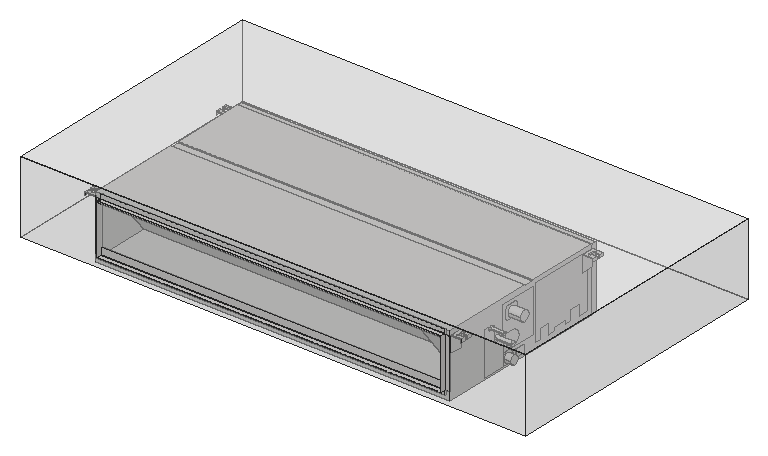
Revit family "outputfile", category 機械設備, Revit 2024
Family settings
  丸型コネクタ寸法 = 半径を使用
  パーツ タイプ = 標準
  OmniClass 番号 = 23.75.10.24.21.27.27
  OmniClass タイトル = Split System Air Conditioning Units
  作業面ベース = いいえ
  常に垂直 = はい
  ロード時にボイドで切り取り = いいえ
  注釈の向きを維持 = いいえ
  共有 = いいえ
  部屋計算ポイント = はい
Parameters (values of type "FDMC100AV1M")
  Description = ""
  書き出し IFC クラス(タイプ) = "IfcUnitaryEquipmentType"
  定義済み IFC タイプ(タイプ) = "AIRCONDITIONINGUNIT"
  Cost = 0
  Type Comments = ""
  Keynote = ""
  Type Image = (empty or 0)
  Assembly Code = ""
  switch_frequency = yes
  connector_voltage = Voltage_50Hz  # 230 V
  connector_powerinput = [Power Input (Cooling)]  # 3.200 kW
  connector_phase = Phase_50Hz  # 1
  URL = ""
  Supply Air Direction [instance] = yes
  製造元 = "Daikin"
  モデル = "FDMC100AV1M"
  w_pipe = 33 mm
  r_Liquid Pipe Size = Liquid Pipe Size / 2  # 4.75 mm
  r_Gas Pipe Size = Gas Pipe Size / 2  # 7.95 mm
  r_Drain Pipe Size = Drain Pipe Size / 2  # 16.0 mm
  lw_powersupply = Width / 2  # 700 mm
  lw_ductflange2 = 1362 mm
  lw_Width = 1362 mm
  lh_suctionflange [instance] = 100 mm
  ld_suctionflange [instance] = 190 mm
  ld_powersupply = 263 mm
  angle_vertical_RA [instance] = 90.00°
  angle horizontal_RA [instance] = 180.00°
  Voltage_comment_50Hz = "220 - 240"
  Voltage_50Hz = 230 V
  Sound Power Level_H speed (dB) = 0
  RA_length = 190 mm  # constant formula
  Phase_50Hz = 1
  Minimum External Static Pressure = 27.00 Pa
  Minimum Circuit Amps_50Hz = 0.0 A
  Maximum Fuse Amps_50Hz = 0.0 A
  Maximum External Static Pressure = 38.00 Pa
  Material_Casing = DAIKIN_GalvanizedSteel_Casing_indoorunit
  lw_liquidpipe = 757.9 mm
  lw_gaspipe = 767.5 mm
  lw_mountinghole_pitch = 1446 mm
  lw_mountinghole = 20 mm
  lw_drainpipe = 726 mm
  lh_powersupply = 43.2 mm
  lh_liquidpipe = 175 mm
  lh_gaspipe = 128 mm
  lh_mountinghole = Height + [h***] - 15 mm  # 235 mm
  lh_drainpipe = 29 mm
  lh_antena = (Height - lh_mountinghole) + 1 mm  # 16 mm
  ld_liquidpipe = 153 mm
  ld_gaspipe = 123 mm
  ld_mountinghole_pitch = 651 mm
  ld_drainpipe = 64 mm
  ld_controlbox = 626 mm
  h*** = 0 mm  # constant formula
  d_dischargeflange = 20 mm  # constant formula
  Width = 1400 mm
  Version = "ver.1.0"
  Unit Type = "Duct"
  Unit Mass Weight = 40.00 kg
  Unit Designation [instance] = ""
  Uniclass2015Version = "Products v1.30"
  Uniclass2015Title = "Split coil room air conditioning units"
  Uniclass2015Code = "Pr_70_65_03_86"
  Total Cooling Capacity [instance] = 0.000 kW
  Sound Pressure Level_M speed (dBA) = 39
  Sound Pressure Level_L speed (dBA) = 36
  Sound Pressure Level_H speed (dBA) = 42
  Series = "SkyAir_Fan Coil Unit"
  Sensible Cooling Capacity [instance] = 0.000 kW
  SA Duct Size Width = 1362 mm
  SA Duct Size Height = 200 mm
  Refrigerant Type = "R32"
  RA Duct Size Width = 1362 mm
  RA Duct Size Height = 214 mm
  Power Input (Cooling) = 3.200 kW
  Option Accessory 3 [instance] = ""
  Option Accessory 2 [instance] = ""
  Option Accessory 1 [instance] = ""
  Nominal Cooling Capacity = 10.550 kW
  Minimum Airflow = 1563.00 m³/h
  Median Airflow = 1860.00 m³/h
  Maximum Airflow = 2141.00 m³/h
  Load Classification = HVAC
  Liquid Pipe Size = 9.5 mm
  Link_Nested Family [instance] = ""
  IfcVersion = ""
  IfcExportType = "AIRCONDITIONINGUNIT"
  IfcExportAs = "IfcUnitaryEquipmentType"
  Height = 250 mm
  Heat Exchanger Type = "Cross Fin Coil"
  Gas Pipe Size = 15.9 mm
  Frequency_50Hz = 50 Hz
  Fan Type = "Sirocco Fan"
  Fan Drive = "-"
  FCU Tag No. [instance] = ""
  Drain Pipe Size = 32.0 mm
  Design Supply Airflow [instance] = 0.00 m³/h
  Design Return Airflow [instance] = 0.00 m³/h
  Design External Static Pressure [instance] = 0.00 Pa
  Depth = 700 mm
  既定の高さ = 0 mm
  Cooling Entering Wet Bulb Temperature [instance] = 0.00 °C
  Cooling Entering Dry Bulb Temperature [instance] = 0.00 °C
  Cooling Ambient Wet Bulb Temperature [instance] = 0.00 °C
  Cooling Ambient Dry Bulb Temperature [instance] = 0.00 °C
  Clearance visibility [instance] = yes
  Clearance Top = 20 mm
  Clearance Right = 300 mm
  Clearance Rear = 400 mm
  Clearance Left = 300 mm
  Clearance Front = 0 mm
  Clearance Bottom = 20 mm
Reference planes
  plane 1 "Center (Front/Back)": y = 0
  plane 2: z = 0
  plane 3 "Center (Left/Right)": x = 0
  plane 4 "Back": y = 350
  plane 5 "Front": y = -350
  plane 6 "Left": x = -700
  plane 7 "Right": x = 700
  plane 8 "Top": z = 0
  plane 9 "Bottom": z = -250
  plane 10: x = 681
  plane 11: x = -680.2
  plane 12: z = -72
  plane 13: z = -75
  plane 14: z = -122
  plane 15: x = -304
  plane 16: x = 304
  plane 17: x = -723
  plane 18: x = 723
  plane 19: x = 757.9
  plane 20: x = 767.5
  plane 21: z = -15
  plane 22 "Clearance Left": x = -1000
  plane 23 "Clearance Right": x = 1000
  plane 24 "Clearance Rear": y = 750
  plane 25 "Clearance Front": y = -350
  plane 26 "Clearance Bottom": z = -270
  plane 27: z = -21
  plane 28: z = -221
  plane 29: y = -123
  plane 30: y = -153
  plane 31: y = -30
  plane 32: y = -64
  plane 33: z = -118
  plane 34: y = -349.2
  plane 35: z = -150
  plane 36: y = 160
  plane 37: z = -151
  plane 38: x = 726
  plane 39: x = 695
  plane 40: x = 565.5
  plane 41: z = 102.5
  plane 42: y = 325.5
  plane 43: y = -325.5
  plane 44: y = 17.5
  plane 45: y = 57
  plane 46: x = 703.2
  plane 47: x = 705.2
  plane 48: y = -370
  plane 49: y = 390
  plane 50: z = -125
  plane 51: z = -70.5
  plane 52: z = -75.133
  plane 53: z = -75.5
  plane 54: z = -126.5
  plane 55: z = -239.8
  plane 56: z = -22.5
  plane 57: z = -192.5
  plane 58: z = -16
  plane 59 "Clearance Top": z = 20
  plane 60: z = -206.8
  plane 61: y = 263
  plane 62: y = -200
  plane 63: y = -300
  plane 64: y = -140
Forms (mm)
  Extrusion 1, solid, material "DAIKIN_GalvanizedSteel_Casing_indoorunit" <- "Material_Casing"
    sketch origin (0, 0, 0) x (1, 0, 0) y (0, 1, 0)
      loop
        line (-700, -349.2) -> (700, -349.2) -> (700, 350) -> (-700, 350) -> (-700, -349.2)
    from -250 to 0
  Extrusion 2, void
    sketch origin (0, 0, 1) x (1, 0, 0) y (0, 1, 0)
      loop
        line (-700, 57) -> (-700, 17.5) -> (700, 17.5) -> (700, 57) -> (-700, 57)
    from -1 to -5
  Extrusion 3, void
    sketch origin (0, 0, 0) x (0, 1, 0) y (0, 0, 1)
      loop
        line (-91.914, -222) -> (-91.914, -246.5) -> (-36.314, -246.5) -> (-36.314, -219.481)
        arc (-36.314, -219.481) -> (-65.261, -194.229) -> (-91.8, -222) r 27.8
    from 700 to 695
  Revolve 4, solid, material "DAIKIN_GalvanizedSteel_Casing_indoorunit" <- "Material_Casing"
    sketch origin (0, 0, -122) x (0, -1, 0) y (1, 0, 0)
      loop
        line (115.05, 700) -> (123, 700) -> (123, 767.5) -> (115.05, 767.5) -> (115.05, 700)
      axis (123, 700) -> (123, 767.5)
    angle from 0 to 360
  Revolve 5, solid, material "DAIKIN_GalvanizedSteel_Casing_indoorunit" <- "Material_Casing"
    sketch origin (0, 0, -75) x (0, -1, 0) y (1, 0, 0)
      loop
        line (153, 700) -> (153, 757.9) -> (148.25, 757.9) -> (148.25, 700) -> (153, 700)
      axis (153, 757.9) -> (153, 700)
    angle from 0 to 360
  Extrusion 6, solid, material "DAIKIN_GalvanizedSteel_Casing_indoorunit" <- "Material_Casing"
    sketch origin (0, 0, 0) x (0, 1, 0) y (0, 0, 1)
      loop
        circle (-64, -221) r 16
    from 726 to 700
  Extrusion 7, solid, material "DAIKIN_GalvanizedSteel_Casing_indoorunit" <- "Material_Casing"
    sketch origin (0, 0, 0) x (0, 1, 0) y (0, 0, 1)
      loop
        line (-180, -70.5) -> (-180, -239.8) -> (-95, -239.8) -> (-95, -126.5) -> (-107, -126.5)
        arc (-107, -126.5) -> (-121.5, -141) -> (-136, -126.5) r 14.5
        line (-136, -126.5) -> (-136, -75.5) -> (-141.006, -75.5)
        arc (-141.006, -75.5) -> (-153.184, -87.131) -> (-165, -75.133) r 12
        line (-165, -75.133) -> (-165, -70.5) -> (-180, -70.5)
      loop
        line (-92, -22.5) -> (-92, -192.5) -> (54, -192.5) -> (54, -22.5) -> (-92, -22.5)
      loop
        line (71, -16) -> (71, -224.802) -> (87.805, -224.802) -> (87.805, -184.607) -> (134.195, -184.606) -> (134.195, -224.802) -> (161, -224.802) -> (161, -212.302) -> (221, -212.303) -> (221, -224.802) -> (239.805, -224.802) -> (239.805, -184.606) -> (286.195, -184.606) -> (286.195, -224.802) -> (321.994, -224.802) -> (321.994, -82) -> (298.5, -82) -> (298.5, -16) -> (71, -16)
    from 700 to 703.2
  Extrusion 8, solid, material "DAIKIN_GalvanizedSteel_Casing_indoorunit" <- "Material_Casing"
    sketch origin (0, 0, 0) x (0, 1, 0) y (0, 0, 1)
      loop
        line (-27.5, -74.5) -> (-27.5, -41.5)
        arc (-27.5, -41.5) -> (-30.136, -35.136) -> (-36.5, -32.5) r 9
        line (-36.5, -32.5) -> (-69.5, -32.5)
        arc (-69.5, -32.5) -> (-75.864, -35.136) -> (-78.5, -41.5) r 9
        line (-78.5, -41.5) -> (-78.5, -74.5)
        arc (-78.5, -74.5) -> (-75.864, -80.864) -> (-69.5, -83.5) r 9
        line (-69.5, -83.5) -> (-36.5, -83.5)
        arc (-36.5, -83.5) -> (-30.136, -80.864) -> (-27.5, -74.5) r 9
      loop
        arc (8, -234.5) -> (9.415, -233.914) -> (10.001, -232.499) r 2.001
        line (10.001, -232.499) -> (9.997, -206.503)
        arc (9.997, -206.503) -> (9.412, -205.091) -> (8, -204.506) r 1.997
        line (8, -204.506) -> (-25.997, -204.506)
        arc (-25.997, -204.506) -> (-27.415, -205.094) -> (-28.002, -206.511) r 2.005
        line (-28.002, -206.511) -> (-28.002, -232.499)
        arc (-28.002, -232.499) -> (-27.416, -233.914) -> (-26.001, -234.5) r 2.001
        line (-26.001, -234.5) -> (8, -234.5)
      loop
        arc (-77.358, -152.358) -> (-25.548, -177.591) -> (-59.394, -130.95) r 29.7
        arc (-59.394, -130.95) -> (-62.843, -131.688) -> (-66.339, -131.219) r 10.3
        line (-66.339, -131.219) -> (-72.946, -129.136)
        arc (-72.946, -129.136) -> (-80.627, -131.374) -> (-81.498, -139.327) r 7.2
        line (-81.498, -139.327) -> (-78.299, -145.472)
        arc (-78.299, -145.472) -> (-77.23, -148.833) -> (-77.358, -152.358) r 10.3
    from 700 to 705.2
  Extrusion 9, solid, material "DAIKIN_GalvanizedSteel_Casing_indoorunit" <- "Material_Casing"
    sketch origin (0, 0, 0) x (0, 1, 0) y (0, 0, 1)
      loop
        circle (-53, -58) r 18.9
    from 700 to 757.9
  Extrusion 10, void
    sketch origin (0, 0, 0) x (0, 1, 0) y (0, 0, 1)
      loop
        line (-350, -18.8) -> (-350, -217.2) -> (-200, -217.2) -> (-349.2, -18.8) -> (-350, -18.8)
    from -680.2 to 681
  Extrusion 11, void
    sketch origin (0, 0, 0) x (0, 1, 0) y (0, 0, 1)
      loop
        line (-350, -18.8) -> (-350, -217.2) -> (-140, -217.2) -> (-300, -18.8) -> (-350, -18.8)
    from -680.2 to 565.5
Cuts and joins
  Extrusion 2, Extrusion 3, Extrusion 10, Extrusion 11 cuts Extrusion 1
  joined: Extrusion 7, Extrusion 8, Extrusion 9
Dimensions and locks
  "Height": plane 8 "Top" to plane 9 "Bottom"
  equal spacing: plane 15, plane 3 "Center (Left/Right)", plane 16, locked at 304 each
  locked: plane 15 to plane 16 at 608
  equal spacing: plane 17, plane 3 "Center (Left/Right)", plane 18
  "lw_mountinghole_pitch": plane 17 to plane 18
  locked: plane 12 to plane 9 "Bottom" at 178
  "lh_liquidpipe": plane 13 to plane 9 "Bottom"
  "lh_gaspipe": plane 14 to plane 9 "Bottom"
  "lh_mountinghole": plane 21 to plane 9 "Bottom"
  equal spacing: plane 6 "Left", plane 3 "Center (Left/Right)", plane 7 "Right"
  "Width": plane 6 "Left" to plane 7 "Right"
  "Clearance Right": plane 7 "Right" to plane 23 "Clearance Right"
  "Clearance Left": plane 22 "Clearance Left" to plane 6 "Left"
  "Clearance Rear": plane 24 "Clearance Rear" to plane 4 "Back"
  "Clearance Front": plane 5 "Front" to plane 25 "Clearance Front"
  locked: plane 8 "Top" to plane 27 at 21
  "Depth": plane 4 "Back" to plane 5 "Front"
  equal spacing: plane 4 "Back", plane 1 "Center (Front/Back)", plane 5 "Front"
  "ld_suctionflange": plane 4 "Back" to plane 36
  locked: plane 37 to plane 9 "Bottom" at 99
  plane 7 "Right" to plane 40 = 134.5 mm
  "r_Gas Pipe Size": nested 6 to Revolve 4 sketch curve
  "r_Liquid Pipe Size": nested 5 to Revolve 5 sketch curve
  equal spacing: plane 42, plane 1 "Center (Front/Back)", plane 43
  "ld_mountinghole_pitch": plane 42 to plane 43
  locked: plane 33 to plane 9 "Bottom" at 132
  "lw_liquidpipe": plane 3 "Center (Left/Right)" to plane 19
  "lw_gaspipe": plane 3 "Center (Left/Right)" to plane 20
  "lw_drainpipe": plane 3 "Center (Left/Right)" to plane 38
  "ld_drainpipe": plane 32 to plane 1 "Center (Front/Back)"
  "ld_gaspipe": plane 29 to plane 1 "Center (Front/Back)"
  "ld_liquidpipe": plane 30 to plane 1 "Center (Front/Back)"
  "lh_drainpipe": plane 28 to plane 9 "Bottom"
  locked: plane 7 "Right" to plane 46 at 3.2
  locked: plane 46 to plane 47 at 2
  equal spacing: plane 8 "Top", plane 50, plane 9 "Bottom"
  plane 51 to plane 52 to plane 53 to plane 54 to plane 55 = 4.633 mm locked, 0.367 mm locked, 51 mm locked, 113.3 mm locked
  plane 8 "Top" to plane 56 to plane 57 = 22.5 mm locked, 170 mm locked
  locked: plane 8 "Top" to plane 58 at 16
  locked: plane 40 to plane 10 at 115.5
  locked: plane 17 to plane 11 at 42.8
  locked: plane 39 to plane 7 "Right" at 5
  "Clearance Top": plane 59 "Clearance Top" to plane 8 "Top"
  "Clearance Bottom": plane 9 "Bottom" to plane 26 "Clearance Bottom"
  "lh_powersupply": plane 60 to plane 9 "Bottom"
  "ld_powersupply": plane 61 to plane 1 "Center (Front/Back)"
  locked: plane 34 to plane 5 "Front" at 0.8
  locked: plane 5 "Front" to plane 48 at 20
  locked: plane 5 "Front" to plane 62 at 150
  plane 5 "Front" to plane 63 to plane 64 = 50 mm locked, 160 mm locked
  "r_Drain Pipe Size": radius of Extrusion 6 sketch curve
  aligned and locked: level to plane 2
  aligned and locked: Extrusion 1 to plane 9 "Bottom"
  aligned and locked: plane 8 "Top" to Extrusion 1
  aligned and locked: Revolve 4 sketch curve to Revolve 4 sketch curve
  aligned and locked: plane 19 to nested 5
  aligned and locked: nested 5 to plane 13
  aligned and locked: plane 18 to nested 2
  aligned and locked: plane 17 to nested 3
  aligned and locked: plane 17 to nested 4
  aligned and locked: nested 6 to plane 14
  aligned and locked: plane 29 to nested 6
  aligned and locked: plane 30 to nested 5
  aligned and locked: Extrusion 6 sketch curve to plane 32
  aligned and locked: plane 8 "Top" to Extrusion 2
  aligned and locked: plane 24 "Clearance Rear" to nested 11
  aligned and locked: plane 23 "Clearance Right" to nested 11
  aligned and locked: plane 22 "Clearance Left" to nested 11
  aligned and locked: nested 11 to plane 25 "Clearance Front"
  aligned and locked: plane 7 "Right" to cut or joined group of Extrusion 1, Extrusion 2, Extrusion 3, Extrusion 10, Extrusion 11  (x3)
  aligned and locked: cut or joined group of Extrusion 1, Extrusion 2, Extrusion 3, Extrusion 10, Extrusion 11 to plane 39
  aligned and locked: plane 38 to Extrusion 6
  aligned and locked: plane 20 to nested 6
  aligned and locked: plane 3 "Center (Left/Right)" to nested 12
  aligned and locked: plane 18 to nested 1
  aligned and locked: plane 32 to nested 7
  aligned and locked: nested 7 to plane 28
  aligned and locked: plane 38 to nested 7
  aligned and locked: nested 9 to plane 1 "Center (Front/Back)"
  aligned and locked: plane 3 "Center (Left/Right)" to nested 9
  aligned and locked: plane 33 to nested 8
  aligned and locked: level to plane 8 "Top"
  aligned and locked: plane 42 to nested 1
  aligned and locked: plane 43 to nested 2
  aligned and locked: nested 4 to plane 42
  aligned and locked: nested 3 to plane 43
  aligned and locked: nested 12 to plane 21
  aligned and locked: cut or joined group of Extrusion 1, Extrusion 2, Extrusion 3, Extrusion 10, Extrusion 11 to plane 34
  aligned and locked: nested 13 to plane 33
  aligned and locked: Extrusion 2 sketch curve to plane 6 "Left"
  aligned and locked: plane 7 "Right" to Extrusion 2 sketch curve
  aligned and locked: plane 44 to Extrusion 2 sketch curve
  aligned and locked: plane 45 to Extrusion 2 sketch curve
  aligned and locked: plane 3 "Center (Left/Right)" to nested 10
  aligned and locked: nested 10 to plane 4 "Back"
  aligned and locked: plane 46 to Extrusion 7
  aligned and locked: Extrusion 7 to plane 7 "Right"
  aligned and locked: Extrusion 8 to plane 7 "Right"
  aligned and locked: plane 47 to Extrusion 8
  aligned and locked: plane 19 to Extrusion 9
  aligned and locked: Extrusion 9 to plane 7 "Right"
  aligned and locked: nested 8 to plane 48
  aligned and locked: plane 49 to nested 14
  aligned and locked: nested 14 to plane 3 "Center (Left/Right)"
  aligned and locked: nested 14 to plane 50
  aligned and locked: plane 54 to Extrusion 7 sketch curve  (x2)
  aligned and locked: plane 52 to Extrusion 7 sketch curve
  aligned and locked: plane 56 to Extrusion 7 sketch curve
  aligned and locked: plane 57 to Extrusion 7 sketch curve
  aligned and locked: plane 58 to Extrusion 7 sketch curve
  aligned and locked: plane 3 "Center (Left/Right)" to nested 13
  aligned and locked: plane 59 "Clearance Top" to nested 11
  aligned and locked: nested 11 to plane 26 "Clearance Bottom"
  aligned and locked: plane 7 "Right" to nested 15
  aligned and locked: nested 15 to plane 60
  aligned and locked: plane 34 to nested 13
  aligned and locked: plane 5 "Front" to Extrusion 10 sketch curve
  aligned and locked: cut or joined group of Extrusion 1, Extrusion 2, Extrusion 3, Extrusion 10, Extrusion 11 to plane 11  (x2)
  aligned and locked: plane 10 to cut or joined group of Extrusion 1, Extrusion 2, Extrusion 3, Extrusion 10, Extrusion 11
  aligned and locked: Extrusion 11 sketch curve to plane 5 "Front"
  aligned and locked: plane 63 to Extrusion 11 sketch curve
  aligned and locked: plane 64 to Extrusion 11 sketch curve
  aligned and locked: cut or joined group of Extrusion 1, Extrusion 2, Extrusion 3, Extrusion 10, Extrusion 11 to plane 40
  aligned and locked: Extrusion 6 to plane 7 "Right"
  aligned and locked: Revolve 4 to plane 7 "Right"
  aligned and locked: Revolve 5 to plane 7 "Right"
Automatic sketch dimensions
  Extrusion 1 sketch curve to plane 4 "Back" = 0 mm
  Extrusion 1 sketch curve to plane 6 "Left" = 0 mm
  Extrusion 1 sketch curve to plane 7 "Right" = 0 mm
  plane 34 to Extrusion 1 sketch curve = 0 mm
  Extrusion 6 sketch curve to plane 28 = 0 mm
  Revolve 4 sketch curve to plane 20 = 0 mm
  Revolve 4 sketch curve to plane 29 = 0 mm
  Revolve 4 sketch curve to Revolve 4 sketch curve = 2.003 mm
  plane 20 to Revolve 4 sketch curve = 1.003 mm
  Revolve 5 sketch curve to plane 30 = 0 mm  (x2)
  Revolve 5 sketch curve to plane 19 = 0 mm  (x2)
  Revolve 5 sketch curve to plane 7 "Right" = 0 mm
  Revolve 5 sketch curve to Revolve 5 sketch curve = 1 mm
  Revolve 4 sketch curve to plane 7 "Right" = 0 mm
  plane 9 "Bottom" to Extrusion 3 sketch curve = 3.5 mm
  Extrusion 3 sketch curve to plane 31 = 6.314 mm
  Extrusion 3 sketch curve to plane 28 = 1 mm  (x2)
  plane 32 to Extrusion 3 sketch curve = 0 mm
  Extrusion 3 sketch curve to Extrusion 3 sketch curve = 0.114 mm
  Extrusion 8 sketch curve to plane 32 = 14.5 mm
  plane 13 to Extrusion 8 sketch curve = 0.5 mm  (x2)
  Extrusion 8 sketch curve to plane 32 = 5.5 mm  (x2)
  Extrusion 8 sketch curve to plane 31 = 6.5 mm  (x2)
  Extrusion 8 sketch curve to plane 27 = 20.5 mm
  plane 31 to Extrusion 8 sketch curve = 1.998 mm
  Extrusion 8 sketch curve to Extrusion 8 sketch curve = 2.001 mm  (x2)
  Extrusion 8 sketch curve to Extrusion 8 sketch curve = 2.005 mm
  Extrusion 8 sketch curve to plane 1 "Center (Front/Back)" = 8 mm  (x2)
  plane 28 to Extrusion 8 sketch curve = 16.494 mm
  Extrusion 8 sketch curve to Extrusion 8 sketch curve = 1.994 mm
  Extrusion 8 sketch curve to Extrusion 8 sketch curve = 1.997 mm
  Extrusion 8 sketch curve to plane 32 = 17.498 mm
  Extrusion 8 sketch curve to plane 35 = 0.228 mm
  Extrusion 8 sketch curve to Extrusion 8 sketch curve = 5.937 mm
  plane 35 to Extrusion 8 sketch curve = 4.528 mm
  Extrusion 8 sketch curve to Extrusion 8 sketch curve = 3.199 mm
  Extrusion 8 sketch curve to Extrusion 8 sketch curve = 6.386 mm
  Extrusion 8 sketch curve to plane 14 = 7.136 mm
  Extrusion 8 sketch curve to Extrusion 8 sketch curve = 2.165 mm
  Extrusion 8 sketch curve to plane 32 = 2.339 mm
  plane 32 to Extrusion 8 sketch curve = 0.758 mm
  Extrusion 8 sketch curve to plane 37 = 7.5 mm
  plane 32 to Extrusion 8 sketch curve = 15.7 mm
  Extrusion 8 sketch curve to Extrusion 8 sketch curve = 6.145 mm
  Extrusion 8 sketch curve to Extrusion 8 sketch curve = 2.083 mm
  plane 14 to Extrusion 8 sketch curve = 0.604 mm
  Extrusion 8 sketch curve to Extrusion 8 sketch curve = 0 mm
  plane 32 to Extrusion 9 sketch curve = 11 mm
  plane 12 to Extrusion 9 sketch curve = 14 mm
  Extrusion 7 sketch curve to plane 30 = 0 mm
  Extrusion 7 sketch curve to plane 30 = 27 mm
  Extrusion 7 sketch curve to plane 13 = 0.5 mm
  Extrusion 7 sketch curve to Extrusion 7 sketch curve = 5.006 mm
  plane 12 to Extrusion 7 sketch curve = 1.5 mm
  Extrusion 7 sketch curve to Extrusion 7 sketch curve = 12 mm
  Extrusion 7 sketch curve to plane 30 = 12 mm
  plane 29 to Extrusion 7 sketch curve = 1.5 mm
  Extrusion 7 sketch curve to plane 32 = 28 mm
  Extrusion 7 sketch curve to Extrusion 7 sketch curve = 17 mm
  Extrusion 7 sketch curve to plane 28 = 3.802 mm  (x8)
  Extrusion 7 sketch curve to plane 42 = 27 mm
  Extrusion 7 sketch curve to plane 42 = 3.506 mm  (x2)
  Extrusion 7 sketch curve to plane 53 = 6.5 mm
  plane 57 to Extrusion 7 sketch curve = 7.893 mm
  Extrusion 7 sketch curve to Extrusion 7 sketch curve = 0 mm  (x2)
  plane 57 to Extrusion 7 sketch curve = 7.894 mm  (x2)
  plane 36 to Extrusion 7 sketch curve = 1 mm  (x2)
  plane 28 to Extrusion 7 sketch curve = 8.697 mm
  Extrusion 3 sketch curve to Extrusion 3 sketch curve = 27.914 mm
  Extrusion 7 sketch curve to plane 55 = 0 mm
  Extrusion 8 sketch curve to plane 28 = 11.499 mm
  Extrusion 7 sketch curve to Extrusion 7 sketch curve = 60 mm
  Extrusion 10 sketch curve to plane 34 = 0 mm
  plane 28 to Extrusion 10 sketch curve = 3.8 mm
  plane 27 to Extrusion 10 sketch curve = 2.2 mm
  Extrusion 10 sketch curve to plane 30 = 47 mm
  plane 28 to Extrusion 11 sketch curve = 3.8 mm
  plane 27 to Extrusion 11 sketch curve = 2.2 mm
  radius of Extrusion 9 sketch curve = 18.9 mm
Nested families
  nested 1: "daikin_mountinghole" at (723, 325.5, -250), l_antenna <- "lh_antena", Link_Nested Family <- "Link_Nested Family", h_mountinghole <- "lh_mountinghole", type "daikin_mountinghole"
    with show yes, l_antenna 16 mm, h_mountinghole 235 mm, Link_Nested Family ""
  nested 2: "daikin_mountinghole" at (723, -325.5, -250), Link_Nested Family <- "Link_Nested Family", l_antenna <- "lh_antena", h_mountinghole <- "lh_mountinghole", type "daikin_mountinghole"
    with show yes, l_antenna 16 mm, h_mountinghole 235 mm, Link_Nested Family ""
  nested 3: "daikin_mountinghole" at (-723, -325.5, -250), l_antenna <- "lh_antena", Link_Nested Family <- "Link_Nested Family", h_mountinghole <- "lh_mountinghole", type "daikin_mountinghole"
    with show yes, l_antenna 16 mm, h_mountinghole 235 mm, Link_Nested Family ""
  nested 4: "daikin_mountinghole" at (-723, 325.5, -250), l_antenna <- "lh_antena", Link_Nested Family <- "Link_Nested Family", h_mountinghole <- "lh_mountinghole", type "daikin_mountinghole"
    with show yes, l_antenna 16 mm, h_mountinghole 235 mm, Link_Nested Family ""
  nested 5: "daikin_connector_rotate2" at (0, -153, -75) x (0, 1, 0) z (0, 0, 1), length <- "lw_liquidpipe", built-in parameter 1001364 <- "lh_liquidpipe", radius <- "r_Liquid Pipe Size", type "daikin_connector_rotate2"
    with radius 4.75 mm, length 757.9 mm, angle_vertical 90.00°
  nested 6: "daikin_connector_rotate2" at (0, -123, -122) x (0, 1, 0) z (0, 0, 1), length <- "lw_gaspipe", built-in parameter 1001364 <- "lh_gaspipe", radius <- "r_Gas Pipe Size", type "daikin_connector_rotate2"
    with radius 7.95 mm, length 767.5 mm, angle_vertical 90.00°
  nested 7: "daikin_connector_rotate2" at (0, -64, -221) x (0, 1, 0) z (0, 0, 1), built-in parameter 1001364 <- "lh_drainpipe", length <- "lw_drainpipe", radius <- "r_Drain Pipe Size", type "daikin_connector_rotate2"
    with radius 16 mm, length 726 mm, angle_vertical 90.00°
  nested 8: "daikin_connector_rotate2" at (0, -350, -118), length <- "d_dischargeflange", type "daikin_connector_rotate2"
    with radius 10 mm, length 20 mm, angle_vertical 90.00°
  nested 9: "daikin_△_symbolicline" at (-75, -129.904, 250) x (-0.5, 0.866, 0) z (0, 0, 1), built-in parameter 1001364 <- "Height", visible <- "Supply Air Direction", type "daikin_△_symbolicline"
    with length 300 mm
  nested 10: "daikin_ductflange_FDMC-AV1M_1" at (0, 350, -125), material <- "Material_Casing", width <- "lw_ductflange2", type "daikin_ductflange_FDMC-AV1M_1"
    with width 1362 mm, material DAIKIN_GalvanizedSteel_Casing_indoorunit, height 214 mm, depth 40 mm
  nested 11: "daikin_clearancespace" at (0, 200, -124.881), visible <- "Clearance visibility", show <- "Clearance visibility", Link_Nested Family <- "Link_Nested Family", type "daikin_clearancespace"
    with width 2000 mm, show yes, height 290 mm, depth 1100 mm, Link_Nested Family ""
  nested 12: "daikin_hangerfixture_FDMC-AV1M" at (0, 0, -15), type "daikin_hangerfixture_FDMC-AV1M"
    with width 1400 mm
  nested 13: "daikin_ductflange_FDMC-AV1M" at (0, -35.7, -407.401), width <- "lw_Width", material <- "Material_Casing", type "daikin_ductflange_FDMC-AV1M"
    with width 1362 mm, material DAIKIN_GalvanizedSteel_Casing_indoorunit, height 200 mm, depth 20.8 mm
  nested 14: "daikin_connector_rotate2" at (0, 350, -125) x (-1, 0, 0) z (0, 0, 1), type "daikin_connector_rotate2"
    with radius 10 mm, length 40 mm, angle_vertical 90.00°
  nested 15: "daikin_connector_rotate2" at (0, 263, -206.8) x (0, 1, 0) z (0, 0, 1), length <- "lw_powersupply", built-in parameter 1001364 <- "lh_powersupply", type "daikin_connector_rotate2"
    with radius 10 mm, length 700 mm, angle_vertical 90.00°
Connectors
  piping at (767.5, -123, -122), diameter 15.9, driven by "r_Gas Pipe Size"
    settings: on nested 6, index 1, connector inside diameter 609.6 mm, connector length 0 mm, flow factor 0, pipe flow 0.00 m³/h, pressure drop 0.0 Pa, fitting loss kfactor 0, connector angle 0.00°, fixture units 0, engagement length 0 mm, angle of deflection 0.00°, flow configuration 1, flow direction 2, fitting loss method 0, system type 29, joint type 0, gender type 0, connector reference index -1, connector utility 0, adjustable connector no, is connector primary yes, connector description "Refrigerant Gas Piping"
  piping at (757.9, -153, -75), diameter 9.5, driven by "r_Liquid Pipe Size"
    settings: on nested 5, index 2, connector inside diameter 609.6 mm, connector length 0 mm, flow factor 0, pipe flow 0.00 m³/h, pressure drop 0.0 Pa, fitting loss kfactor 0, connector angle 0.00°, fixture units 0, engagement length 0 mm, angle of deflection 0.00°, flow configuration 1, flow direction 1, fitting loss method 0, system type 29, joint type 0, gender type 0, connector reference index -1, connector utility 0, adjustable connector no, is connector primary no, connector description "Refrigerant Liquid Piping"
  piping at (726, -64, -221), diameter 32, driven by "r_Drain Pipe Size"
    settings: on nested 7, index 3, connector inside diameter 609.6 mm, connector length 0 mm, flow factor 0, pipe flow 0.00 m³/h, pressure drop 0.0 Pa, fitting loss kfactor 0, connector angle 0.00°, fixture units 0, engagement length 0 mm, angle of deflection 0.00°, flow configuration 1, flow direction 2, fitting loss method 4, system type 16, joint type 0, gender type 0, connector reference index -1, connector utility 0, adjustable connector no, is connector primary no, connector description "Condensate Drain Piping"
  hvac at (0, -370, -118), driven by "SA Duct Size Height", driven by "SA Duct Size Width"
    settings: on nested 8, index 7, duct flow 0.00 m³/h, flow factor 0, pres drop 0.00 Pa, loss coef 0, conn angle 0.00°, conn width 1362.0 mm, conn height 200.0 mm, conn diameter 609.6 mm, duct sys type 1, conn prof type 1, flow config 0, flow direction 2, loss method 4, conn ref index -1, conn util no, is conn primary yes, conn desc "SA Duct"
  hvac at (0, 390, -125), driven by "RA Duct Size Width", driven by "RA Duct Size Height"
    settings: on nested 14, index 8, duct flow 0.00 m³/h, flow factor 0, pres drop 0.00 Pa, loss coef 0, conn angle 0.00°, conn width 1362.0 mm, conn height 214.0 mm, conn diameter 609.6 mm, duct sys type 2, conn prof type 1, flow config 0, flow direction 1, loss method 4, conn ref index -1, conn util no, is conn primary no, conn desc "RA Duct"
  electrical at (700, 263, -206.8), driven by "Load Classification", driven by "connector_powerinput", driven by "connector_voltage", driven by "connector_phase"
    settings: on nested 15, index 9, voltage 230 V, apparent load 3200 VA, apparent load phase1 0 VA, apparent load phase2 0 VA, apparent load phase3 0 VA, power factor 1, load classification "HVAC", number of poles 1, system type 30, power factor state 1, is connector primary yes, connector utility no, sub classification motor no, connector description "Power Supply"
Definition of nested family "daikin_ductflange_FDMC-AV1M_1"
  Parameters (values of type "daikin_ductflange_FXDQ-NDVET2")
    width [instance] = 662 mm
    material [instance] = none
    height [instance] = 214 mm
    depth [instance] = 40 mm
    Default Elevation = 0 mm
  Reference planes
    plane 1 "Center (Front/Back)": y = 0
    plane 2: z = 0
    plane 3 "Center (Left/Right)": x = 0
    plane 4: x = -331
    plane 5: x = 331
    plane 6: z = 107
    plane 7: z = -107
    plane 8: x = -350
    plane 9: x = 350
    plane 10: z = 124
    plane 11: z = -124
    plane 12: y = 20
    plane 13: x = -330.2
    plane 14: x = 330.2
    plane 15: z = 106.2
    plane 16: z = -106.2
    plane 17: y = 40
    plane 18: x = -330.2
    plane 19: z = 106.2
    plane 20: z = -106.2
    plane 21: x = 330.2
  Forms (mm)
    Extrusion 1, solid, material <- "material"
      sketch origin (0, 0, 0) x (1, 0, 0) y (0, 0, 1)
        loop
          line (-330.2, 106.2) -> (-330.2, -106.2) -> (330.2, -106.2) -> (330.2, 106.2) -> (-330.2, 106.2)
        loop
          line (-350, 124) -> (-350, -124) -> (350, -124) -> (350, 124) -> (-350, 124)
      from 0 to -20
    Extrusion 2, solid, material <- "material"
      sketch origin (0, 0, 0) x (1, 0, 0) y (0, 0, 1)
        loop
          line (-331, 107) -> (-331, -107) -> (331, -107) -> (331, 107) -> (-331, 107)
        loop
          line (-330.2, 106.2) -> (-330.2, -106.2) -> (330.2, -106.2) -> (330.2, 106.2) -> (-330.2, 106.2)
      from -40 to -20
  Cuts and joins
    joined: Extrusion 1, Extrusion 2
  Dimensions and locks
    equal spacing: plane 5, plane 3 "Center (Left/Right)", plane 4
    "width": plane 5 to plane 4
    equal spacing: plane 6, level, plane 7
    "height": plane 6 to plane 7
    locked: plane 4 to plane 8 at 19
    locked: plane 9 to plane 5 at 19
    locked: plane 10 to plane 6 at 17
    locked: plane 7 to plane 11 at 17
    locked: plane 1 "Center (Front/Back)" to plane 12 at 20
    locked: plane 13 to plane 4 at 0.8
    locked: plane 5 to plane 14 at 0.8
    locked: plane 6 to plane 15 at 0.8
    locked: plane 16 to plane 7 at 0.8
    locked: plane 12 to plane 17 at 20
    locked: plane 18 to plane 4 at 0.8
    locked: plane 5 to plane 21 at 0.8
    locked: plane 6 to plane 19 at 0.8
    locked: plane 20 to plane 7 at 0.8
    locked: plane 1 "Center (Front/Back)" to plane 17 at 40
    aligned and locked: level to plane 2
    aligned and locked: Extrusion 1 sketch curve to plane 10
    aligned and locked: plane 8 to Extrusion 1 sketch curve
    aligned and locked: Extrusion 1 sketch curve to plane 9
    aligned and locked: Extrusion 1 to plane 12
    aligned and locked: plane 1 "Center (Front/Back)" to Extrusion 1
    aligned and locked: Extrusion 1 sketch curve to plane 15
    aligned and locked: plane 13 to Extrusion 1 sketch curve
    aligned and locked: plane 16 to Extrusion 1 sketch curve
    aligned and locked: plane 11 to Extrusion 1 sketch curve
    aligned and locked: Extrusion 1 sketch curve to plane 14
    aligned and locked: Extrusion 2 sketch curve to plane 6
    aligned and locked: plane 4 to Extrusion 2 sketch curve
    aligned and locked: plane 7 to Extrusion 2 sketch curve
    aligned and locked: Extrusion 2 sketch curve to plane 5
    aligned and locked: Extrusion 2 sketch curve to Extrusion 1  (x4)
    aligned and locked: Extrusion 2 to plane 17
    aligned and locked: Extrusion 2 to Extrusion 1
  Automatic sketch dimensions
    Extrusion 1 sketch curve to plane 10 = 0 mm
Definition of nested family "daikin_clearancespace"
  Parameters (values of type "daikin_clearancespace")
    Description = "daikin_clearancespace"
    width [instance] = 1823.963 mm
    show [instance] = yes
    material = none
    height [instance] = 1359.762 mm
    depth [instance] = 880 mm
    Default Elevation = 0 mm
    Link_Nested Family [instance] = ""
  Reference planes
    plane 1 "Center (Front/Back)": y = 0
    plane 2 "Center (Elevation)": z = -0.119
    plane 3 "Center (Left/Right)": x = 0
    plane 4: y = 440
    plane 5: y = -440
    plane 6 "Right": x = 911.982
    plane 7 "Left": x = -911.982
    plane 8 "Top": z = 679.762
    plane 9 "Bottom": z = -680
  Forms (mm)
    Extrusion 1, solid, material <- "material", visible <- "show"
      sketch origin (0, 0, 0) x (1, 0, 0) y (0, 1, 0)
        loop
          line (-911.982, 440) -> (-911.982, -440) -> (911.982, -440) -> (911.982, 440) -> (-911.982, 440)
      from -680 to 679.762
  Lines and regions (mm)
    symbolic lines, visible <- "show"
      curve 1: line (911.982, 440, 0) -> (-911.982, 440, 0)
      curve 2: line (-911.982, 440, 0) -> (-911.982, -440, 0)
      curve 3: line (-911.982, -440, 0) -> (911.982, -440, 0)
      curve 4: line (911.982, -440, 0) -> (911.982, 440, 0)
      curve 5: line (911.982, 0, 679.762) -> (-911.982, 0, 679.762)
      curve 6: line (911.982, 0, -680) -> (911.982, 0, 679.762)
      curve 7: line (-911.982, 0, -680) -> (911.982, 0, -680)
      curve 8: line (-911.982, 0, 679.762) -> (-911.982, 0, -680)
      curve 9: line (0, 440, 679.762) -> (0, -440, 679.762)
      curve 10: line (0, -440, 679.762) -> (0, -440, -680)
      curve 11: line (0, 440, -680) -> (0, 440, 679.762)
      curve 12: line (0, -440, -680) -> (0, 440, -680)
  Dimensions and locks
    "width": plane 7 "Left" to plane 6 "Right"
    "depth": plane 4 to plane 5
    "height": plane 8 "Top" to plane 9 "Bottom"
    equal spacing: plane 7 "Left", plane 3 "Center (Left/Right)", plane 6 "Right"
    equal spacing: plane 4, plane 1 "Center (Front/Back)", plane 5
    equal spacing: plane 8 "Top", plane 2 "Center (Elevation)", plane 9 "Bottom"
    aligned and locked: level to plane 2 "Center (Elevation)"
    aligned and locked: Extrusion 1 sketch curve to plane 4
    aligned and locked: plane 7 "Left" to Extrusion 1 sketch curve
    aligned and locked: Extrusion 1 sketch curve to plane 5
    aligned and locked: Extrusion 1 sketch curve to plane 6 "Right"
    aligned and locked: plane 8 "Top" to Extrusion 1
    aligned and locked: curve 1 to Extrusion 1
    aligned and locked: curve 2 to Extrusion 1
    aligned and locked: curve 3 to Extrusion 1
    aligned and locked: curve 4 to Extrusion 1
    aligned and locked: curve 5 to Extrusion 1
    aligned and locked: curve 6 to Extrusion 1
    aligned and locked: curve 7 to Extrusion 1
    aligned and locked: curve 8 to Extrusion 1
    aligned and locked: curve 9 to Extrusion 1
    aligned and locked: curve 10 to Extrusion 1
    aligned and locked: curve 11 to Extrusion 1
    aligned and locked: curve 12 to Extrusion 1
    aligned and locked: Extrusion 1 to plane 9 "Bottom"
Definition of nested family "daikin_hangerfixture_FDMC-AV1M"
  Parameters (values of type "daikin_hangerfixture_FDMFC-AV1M")
    width = 700 mm
    material = none
    height = 65 mm
    depth = 700 mm
    Default Elevation = 0 mm
  Reference planes
    plane 1 "Center (Front/Back)": y = 0
    plane 2: z = 0
    plane 3 "Center (Left/Right)": x = 0
    plane 4: x = 350
    plane 5: y = 350
    plane 6: y = -350
    plane 7: x = -350
    plane 8: z = -65
    plane 9: y = 325.5
    plane 10: y = -325.5
    plane 11: y = 302
    plane 12: y = -302
    plane 13: x = 373
    plane 14: x = -373
  Forms (mm)
    Extrusion 1, void
      sketch origin (0, 0, 0) x (-1, 0, 0) y (0, -1, 0)
        loop
          arc (366.995, -334.5) -> (373, -340.5) -> (378.995, -334.489) r 6
          line (378.995, -334.489) -> (378.995, -333)
          arc (378.995, -333) -> (379.288, -332.293) -> (379.995, -332) r 1
          line (379.995, -332) -> (394.995, -332) -> (394.995, -319) -> (379.995, -319)
          arc (379.995, -319) -> (379.288, -318.707) -> (378.995, -318) r 1
          line (378.995, -318) -> (378.995, -316.464)
          arc (378.995, -316.464) -> (372.977, -310.5) -> (366.995, -316.5) r 6
          line (366.995, -316.5) -> (366.995, -334.5)
        loop
          line (367.28, 334.5) -> (367.28, 316.5)
          arc (367.28, 316.5) -> (373, 310.507) -> (379.254, 315.94) r 6
          line (379.254, 315.94) -> (379.254, 318)
          arc (379.254, 318) -> (379.547, 318.707) -> (380.254, 319) r 1
          line (380.254, 319) -> (395.254, 319) -> (395.254, 332) -> (380.254, 332)
          arc (380.254, 332) -> (379.547, 332.293) -> (379.254, 333) r 1
          line (379.254, 333) -> (379.254, 334.5)
          arc (379.254, 334.5) -> (373.267, 340.487) -> (367.28, 334.5) r 5.987
      from -254.96 to 618
    Extrusion 2, solid, material <- "material"
      sketch origin (0, 0, 0) x (-1, 0, 0) y (0, 0, 1)
        loop
          line (350, 0) -> (350, -65) -> (352.3, -65) -> (352.3, -2.3) -> (392.7, -2.3) -> (392.7, -12) -> (395, -12) -> (395, 0) -> (350, 0)
      from -349.5 to -301.5
    Extrusion 3, solid, material <- "material"
      sketch origin (0, 0, 0) x (1, 0, 0) y (0, 0, 1)
        loop
          line (350, 0) -> (350, -65) -> (352.3, -65) -> (352.3, -2.3) -> (392.7, -2.3) -> (392.7, -12) -> (395, -12) -> (395, 0) -> (350, 0)
      from -349.5 to -301.5
    Extrusion 4, void
      sketch origin (0, 0, 0) x (1, 0, 0) y (0, 1, 0)
        loop
          line (366.995, 334.5) -> (366.995, 316.5)
          arc (366.995, 316.5) -> (372.977, 310.5) -> (378.995, 316.464) r 6
          line (378.995, 316.464) -> (378.995, 318)
          arc (378.995, 318) -> (379.288, 318.707) -> (379.995, 319) r 1
          line (379.995, 319) -> (394.995, 319) -> (394.995, 332) -> (379.995, 332)
          arc (379.995, 332) -> (379.288, 332.293) -> (378.995, 333) r 1
          line (378.995, 333) -> (378.995, 334.489)
          arc (378.995, 334.489) -> (373, 340.5) -> (366.995, 334.5) r 6
        loop
          arc (367.026, -334.5) -> (373.026, -340.5) -> (379.026, -334.5) r 6
          line (379.026, -334.5) -> (379.026, -333)
          arc (379.026, -333) -> (379.319, -332.293) -> (380.026, -332) r 1
          line (380.026, -332) -> (395.026, -332) -> (395.026, -319) -> (380.026, -319)
          arc (380.026, -319) -> (379.319, -318.707) -> (379.026, -318) r 1
          line (379.026, -318) -> (379.026, -316.448)
          arc (379.026, -316.448) -> (373, -310.5) -> (367.026, -316.5) r 6
          line (367.026, -316.5) -> (367.026, -334.5)
      from -254.96 to 618
    Extrusion 5, solid, material <- "material"
      sketch origin (0, 0, 0) x (1, 0, 0) y (0, 0, -1)
        loop
          line (350, 0) -> (395, 0) -> (395, 12) -> (392.7, 12) -> (392.7, 2.3) -> (352.3, 2.3) -> (352.3, 65) -> (350, 65) -> (350, 0)
      from -349.5 to -301.5
    Extrusion 6, solid, material <- "material"
      sketch origin (0, 0, 0) x (-1, 0, 0) y (0, 0, -1)
        loop
          line (350, 0) -> (395, 0) -> (395, 12) -> (392.7, 12) -> (392.7, 2.3) -> (352.3, 2.3) -> (352.3, 65) -> (350, 65) -> (350, 0)
      from -349.5 to -301.5
  Cuts and joins
    Extrusion 1 cuts Extrusion 2
    Extrusion 4 cuts Extrusion 3
    Extrusion 4 cuts Extrusion 5
    Extrusion 1 cuts Extrusion 6
  Dimensions and locks
    equal spacing: plane 5, plane 1 "Center (Front/Back)", plane 6
    "depth": plane 5 to plane 6
    plane 6 to plane 1 "Center (Front/Back)" to plane 5 = 350 mm, 350 mm
    equal spacing: plane 4, plane 3 "Center (Left/Right)", plane 7
    "width": plane 4 to plane 7
    "height": level to plane 8
    equal spacing: plane 10, plane 1 "Center (Front/Back)", plane 9
    plane 10 to plane 9 = 651 mm
    plane 5 to plane 11 = 48 mm
    plane 12 to plane 6 = 48 mm
    locked: plane 7 to plane 14 at 23
    locked: plane 13 to plane 4 at 23
    plane 14 to plane 13 = 746 mm
    aligned and locked: level to plane 2
  Automatic sketch dimensions
    Extrusion 1 sketch curve to plane 7 = 17.28 mm
    Extrusion 1 sketch curve to plane 7 = 16.995 mm
    Extrusion 1 sketch curve to Extrusion 1 sketch curve = 5.987 mm  (x2)
    Extrusion 1 sketch curve to Extrusion 1 sketch curve = 6 mm  (x5)
    Extrusion 1 sketch curve to Extrusion 1 sketch curve = 5.974 mm
    Extrusion 1 sketch curve to Extrusion 1 sketch curve = 1 mm  (x5)
    plane 9 to Extrusion 1 sketch curve = 6.5 mm
    Extrusion 1 sketch curve to Extrusion 1 sketch curve = 15 mm  (x2)
    plane 10 to Extrusion 1 sketch curve = 6.5 mm
    Extrusion 1 sketch curve to plane 9 = 6.5 mm
    Extrusion 1 sketch curve to Extrusion 1 sketch curve = 1.49 mm
    plane 9 to Extrusion 1 sketch curve = 9 mm
    Extrusion 1 sketch curve to plane 10 = 9.56 mm
    Extrusion 1 sketch curve to Extrusion 1 sketch curve = 2.06 mm
    Extrusion 1 sketch curve to plane 10 = 6.5 mm
    Extrusion 1 sketch curve to Extrusion 1 sketch curve = 1.5 mm
    Extrusion 1 sketch curve to Extrusion 1 sketch curve = 0 mm  (x4)
    Extrusion 2 sketch curve to plane 7 = 0 mm
    Extrusion 2 sketch curve to plane 8 = 0 mm
    Extrusion 2 sketch curve to level = 0 mm
    Extrusion 2 sketch curve to plane 7 = 2.3 mm
    Extrusion 2 sketch curve to level = 2.3 mm
    Extrusion 2 sketch curve to Extrusion 2 sketch curve = 40.4 mm
    Extrusion 2 sketch curve to Extrusion 2 sketch curve = 2.3 mm
    Extrusion 2 sketch curve to Extrusion 2 sketch curve = 9.7 mm
    Extrusion 3 sketch curve to plane 4 = 0 mm
    Extrusion 3 sketch curve to plane 8 = 0 mm
    Extrusion 3 sketch curve to level = 0 mm
    plane 4 to Extrusion 3 sketch curve = 2.3 mm
    Extrusion 3 sketch curve to level = 2.3 mm
    Extrusion 3 sketch curve to Extrusion 3 sketch curve = 40.4 mm
    Extrusion 3 sketch curve to Extrusion 3 sketch curve = 2.3 mm
    Extrusion 3 sketch curve to Extrusion 3 sketch curve = 9.7 mm
    plane 4 to Extrusion 4 sketch curve = 17.026 mm
    plane 4 to Extrusion 4 sketch curve = 16.995 mm
    Extrusion 4 sketch curve to Extrusion 4 sketch curve = 6 mm  (x8)
    Extrusion 4 sketch curve to Extrusion 4 sketch curve = 1 mm  (x6)
    plane 9 to Extrusion 4 sketch curve = 6.5 mm
    Extrusion 4 sketch curve to Extrusion 4 sketch curve = 15 mm  (x2)
    plane 10 to Extrusion 4 sketch curve = 6.5 mm
    Extrusion 4 sketch curve to Extrusion 4 sketch curve = 1.5 mm
    Extrusion 4 sketch curve to plane 10 = 6.5 mm
    Extrusion 4 sketch curve to plane 10 = 9 mm
    Extrusion 4 sketch curve to Extrusion 4 sketch curve = 2.536 mm
    Extrusion 4 sketch curve to plane 9 = 6.5 mm
    Extrusion 4 sketch curve to Extrusion 4 sketch curve = 1.49 mm
    Extrusion 4 sketch curve to Extrusion 4 sketch curve = 0 mm  (x4)
    Extrusion 5 sketch curve to plane 4 = 0 mm
    Extrusion 5 sketch curve to plane 8 = 0 mm
    Extrusion 5 sketch curve to level = 0 mm
    plane 4 to Extrusion 5 sketch curve = 2.3 mm
    Extrusion 5 sketch curve to level = 2.3 mm
    Extrusion 5 sketch curve to Extrusion 5 sketch curve = 40.4 mm
    Extrusion 5 sketch curve to Extrusion 5 sketch curve = 2.3 mm
    Extrusion 5 sketch curve to Extrusion 5 sketch curve = 9.7 mm
    Extrusion 6 sketch curve to plane 7 = 0 mm
    Extrusion 6 sketch curve to plane 8 = 0 mm
    Extrusion 6 sketch curve to level = 0 mm
    Extrusion 6 sketch curve to plane 7 = 2.3 mm
    Extrusion 6 sketch curve to level = 2.3 mm
    Extrusion 6 sketch curve to Extrusion 6 sketch curve = 40.4 mm
    Extrusion 6 sketch curve to Extrusion 6 sketch curve = 2.3 mm
    Extrusion 6 sketch curve to Extrusion 6 sketch curve = 9.7 mm
Definition of nested family "daikin_ductflange_FDMC-AV1M"
  Parameters (values of type "daikin_ductflange_FXDQ-NDVET")
    width [instance] = 962 mm
    material [instance] = none
    height [instance] = 200 mm
    depth [instance] = 20.8 mm
    Default Elevation = 0 mm
  Reference planes
    plane 1 "Center (Front/Back)": y = 0
    plane 2: z = 189.401
    plane 3 "Center (Left/Right)": x = 0
    plane 4: y = -313.5
    plane 5: y = -334.3
    plane 6: z = 389.401
    plane 7: z = 289.401
    plane 8: z = 388.601
    plane 9: z = 190.201
    plane 10: x = -481
    plane 11: x = 481
    plane 12: y = -314.3
    plane 13: x = -480.2
    plane 14: x = 480.2
    plane 15: x = -500
    plane 16: x = 500
  Forms (mm)
    Extrusion 1, solid, material <- "material"
      sketch origin (0, 0, 189.401) x (1, 0, 0) y (0, 1, 0)
        loop
          line (480.2, -334.3) -> (481, -334.3) -> (481, -314.3) -> (500, -314.3) -> (500, -313.5) -> (480.2, -313.5) -> (480.2, -334.3)
        loop
          line (-480.2, -334.3) -> (-480.2, -313.5) -> (-500, -313.5) -> (-500, -314.3) -> (-481, -314.3) -> (-481, -334.3) -> (-480.2, -334.3)
      from 0 to 200
    Extrusion 2, solid, material <- "material"
      sketch origin (0, 0, 0) x (0, 1, 0) y (0, 0, 1)
        loop
          line (-313.5, 388.601) -> (-313.5, 407.401) -> (-314.3, 407.401) -> (-314.3, 389.401) -> (-334.3, 389.401) -> (-334.3, 388.601) -> (-313.5, 388.601)
        loop
          line (-313.5, 190.201) -> (-334.3, 190.201) -> (-334.3, 189.401) -> (-314.3, 189.401) -> (-314.3, 171.401) -> (-313.5, 171.401) -> (-313.5, 190.201)
      from -481 to 481
    Extrusion 3, solid, material <- "material"
      sketch origin (0, 0, 0) x (0, 1, 0) y (0, 0, 1)
        loop
          line (-314.3, 218.401) -> (-314.3, 189.401) -> (-313.5, 189.401) -> (-313.5, 218.401) -> (-314.3, 218.401)
      from -481 to 481
  Cuts and joins
    joined: Extrusion 1, Extrusion 2, Extrusion 3
  Dimensions and locks
    plane 4 to plane 1 "Center (Front/Back)" = 313.5 mm
    "depth": plane 5 to plane 4
    equal spacing: plane 6, plane 7, level
    plane 6 to plane 8 = 0.8 mm
    locked: plane 9 to level at 0.8
    "height": plane 6 to level
    equal spacing: plane 11, plane 3 "Center (Left/Right)", plane 10
    "width": plane 11 to plane 10
    locked: plane 4 to plane 12 at 0.8
    plane 14 to plane 11 to plane 16 = 0.8 mm locked, 19 mm locked
    plane 15 to plane 10 to plane 13 = 19 mm locked, 0.8 mm locked
    aligned and locked: level to plane 2
    aligned and locked: Extrusion 2 to plane 9
    aligned and locked: Extrusion 2 to plane 8
    aligned and locked: plane 6 to Extrusion 1
    aligned and locked: Extrusion 1 to level
    aligned and locked: level to Extrusion 2 sketch curve
    aligned and locked: Extrusion 1 sketch curve to plane 15
    aligned and locked: Extrusion 1 sketch curve to plane 12
    aligned and locked: plane 4 to Extrusion 1 sketch curve
    aligned and locked: Extrusion 1 sketch curve to plane 10
    aligned and locked: plane 13 to Extrusion 1 sketch curve
    aligned and locked: plane 14 to Extrusion 1 sketch curve
    aligned and locked: Extrusion 1 sketch curve to plane 11
    aligned and locked: Extrusion 1 sketch curve to plane 16
    aligned and locked: Extrusion 1 sketch curve to plane 4
    aligned and locked: plane 12 to Extrusion 1 sketch curve
    aligned and locked: cut or joined group of Extrusion 1, Extrusion 2, Extrusion 3 to plane 10  (x2)
    aligned and locked: plane 11 to cut or joined group of Extrusion 1, Extrusion 2, Extrusion 3  (x2)
  Automatic sketch dimensions
    Extrusion 2 sketch curve to plane 5 = 0 mm  (x2)
    Extrusion 2 sketch curve to plane 4 = 0 mm  (x2)
    Extrusion 2 sketch curve to plane 9 = 0 mm
    Extrusion 2 sketch curve to plane 8 = 0 mm
    Extrusion 2 sketch curve to plane 4 = 0.8 mm  (x2)
    plane 6 to Extrusion 2 sketch curve = 18 mm
    Extrusion 2 sketch curve to level = 18 mm
    Extrusion 2 sketch curve to plane 6 = 0 mm
    Extrusion 3 sketch curve to level = 0 mm
    Extrusion 3 sketch curve to plane 4 = 0 mm
    Extrusion 3 sketch curve to Extrusion 3 sketch curve = 0.8 mm
    plane 9 to Extrusion 3 sketch curve = 28.2 mm
    Extrusion 1 sketch curve to plane 5 = 0 mm  (x2)
Definition of nested family "daikin_mountinghole"
  Parameters (values of type "daikin_mountinghole")
    Default Elevation = 1219.2 mm
    Type Comments = "mountinghole"
    show [instance] = yes
    material = none
    l_centerline = 100 mm
    l_antenna [instance] = 100 mm
    h_mountinghole [instance] = 0 mm
    d_circle = 30 mm
    Link_Nested Family [instance] = ""
  Reference planes
    plane 1 "Center (Front/Back)": y = 0
    plane 2: z = 0
    plane 3 "Center (Left/Right)": x = 0
    plane 4: y = 50
    plane 5: x = -50
    plane 6: x = 50
    plane 7: y = -50
    plane 8 "h_mountinghole": z = 0
    plane 9: z = 100
  Lines and regions (mm)
    model lines, detail levels fine
      curve 1: circle (0, 0, 0) r 15 normal (0, 0, 1)
      curve 2: line (-50, 0, 0) -> (50, 0, 0)
      curve 3: line (0, 50, 0) -> (0, -50, 0)
    symbolic lines, detail levels fine
      curve 4: circle (0, 0, 0) r 15 normal (0, 0, 1)
      curve 5: line (-50, 0, 0) -> (50, 0, 0)
      curve 6: line (0, 50, 0) -> (0, -50, 0)
    model lines
      curve 7: line (0, 0, 100) -> (0, 0, 0)
  Dimensions and locks
    equal spacing: plane 4, plane 1 "Center (Front/Back)", plane 7
    "l_centerline": plane 4 to plane 7
    equal spacing: plane 5, plane 3 "Center (Left/Right)", plane 6
    "l_centerline": plane 5 to plane 6
    "l_antenna": plane 9 to plane 8 "h_mountinghole"
    "h_mountinghole": plane 8 "h_mountinghole" to plane 2
    "d_circle": diameter of curve 1
    "d_circle": diameter of curve 4
    aligned and locked: level to plane 2
    aligned and locked: plane 1 "Center (Front/Back)" to curve 1
    aligned and locked: plane 3 "Center (Left/Right)" to curve 1
    aligned and locked: plane 1 "Center (Front/Back)" to curve 2
    aligned and locked: curve 3 to plane 3 "Center (Left/Right)"
    aligned and locked: plane 6 to curve 2
    aligned and locked: plane 5 to curve 2
    aligned and locked: plane 4 to curve 3
    aligned and locked: plane 7 to curve 3
    aligned and locked: plane 1 "Center (Front/Back)" to curve 4
    aligned and locked: plane 3 "Center (Left/Right)" to curve 4
    aligned and locked: plane 6 to curve 5
    aligned and locked: plane 5 to curve 5
    aligned and locked: plane 1 "Center (Front/Back)" to curve 5
    aligned and locked: plane 4 to curve 6
    aligned and locked: plane 7 to curve 6
    aligned and locked: curve 6 to plane 3 "Center (Left/Right)"
    aligned and locked: curve 7 to plane 3 "Center (Left/Right)"
    aligned and locked: plane 9 to curve 7
    aligned and locked: plane 8 "h_mountinghole" to curve 7
Definition of nested family "daikin_connector_rotate2"
  Parameters (values of type "daikin_connector_rotate2")
    show_face = no
    radius [instance] = 10 mm
    length [instance] = 600 mm
    d_surface = 10 mm
    angle_vertical [instance] = 90.00°
    Default Elevation = 0 mm
  Reference planes
    plane 1 "Center (Front/Back)": y = 0
    plane 2: z = 0
    plane 3 "Center (Left/Right)": x = 0
  Forms (mm)
    Extrusion 1, solid, visible <- "show_face"
      sketch origin (0, -600, 0) x (1, 0, 0) y (0, 0, 1)
        loop
          circle (0, 0) r 10
      from 0 to -10
  Lines and regions (mm)
    reference lines
      curve 1: line (0, 0, 0) -> (0, -600, 0)
    symbolic lines
      curve 2: circle (0, 0, 0) r 5 normal (0, 0, 1)
    model lines, visible <- "show_face"
      curve 3: line (0, 0, 0) -> (0, -600, 0)
  Dimensions and locks
    "length": curve 1 to curve 1
    "length": curve 3 to curve 3
    "d_surface": Extrusion 1 to Extrusion 1
    "radius": radius of Extrusion 1 sketch curve
    "angle_vertical": angle curve 1 to plane 1 "Center (Front/Back)"
    "angle_vertical": angle curve 3 to plane 1 "Center (Front/Back)"
    aligned and locked: level to plane 2
    aligned and locked: plane 1 "Center (Front/Back)" to curve 1
    aligned and locked: plane 2 to curve 1
    aligned and locked: plane 1 "Center (Front/Back)" to curve 2
    aligned and locked: plane 3 "Center (Left/Right)" to curve 2
    aligned and locked: plane 1 "Center (Front/Back)" to curve 3
    aligned and locked: plane 2 to curve 3
    aligned and locked: Extrusion 1 to Extrusion 1
  Automatic sketch dimensions
    Extrusion 1 sketch curve to level = 0 mm
    Extrusion 1 sketch curve to plane 3 "Center (Left/Right)" = 0 mm
    radius of curve 2 = 5 mm
Definition of nested family "daikin_△_symbolicline"
  Parameters (values of type "daikin_△_symbolicline")
    length [instance] = 500 mm
    Default Elevation = 0 mm
  Reference planes
    plane 1 "Center (Front/Back)": y = 0
    plane 2: z = 0
    plane 3 "Center (Left/Right)": x = 0
  Lines and regions (mm)
    symbolic lines
      curve 1: line (0, -433.013, 0) -> (250, 0, 0)
      curve 2: line (250, 0, 0) -> (-250, 0, 0)
      curve 3: line (-250, 0, 0) -> (0, -433.013, 0)
  Dimensions and locks
    equal spacing: curve 3, plane 3 "Center (Left/Right)", curve 2
    "length": curve 3 to curve 2
    "length": curve 3 to curve 3
    "length": curve 1 to curve 1
    aligned and locked: level to plane 2
    aligned and locked: curve 2 to plane 1 "Center (Front/Back)"
    aligned and locked: plane 3 "Center (Left/Right)" to curve 3
